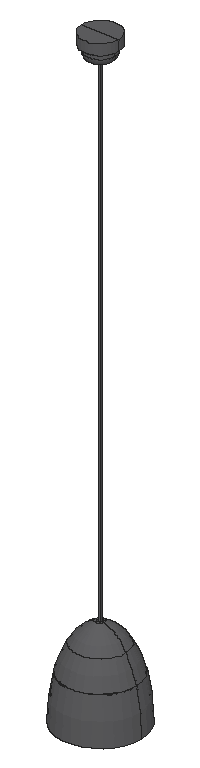
Revit family "BULLET(8,10,12,16,20)MB", category Lighting Fixtures, Revit 2020
Family settings
  Round Connector Dimension = Use Diameter
  Part Type = Normal
  OmniClass Number = 23.80.70.00
  OmniClass Title = Lighting
  Work Plane-Based = No
  Always vertical = Yes
  Cut with Voids When Loaded = No
  Light Source = Yes
  Shared = No
  Room Calculation Point = No
Parameters (values of type "GG12")
  Weight = "3.0lbs"
  Wattage Comments = "200W Max"
  Wattage = 1.6 W
  Warranty = "5 year limited warranty"  # constant formula
  built-in parameter 1150110 = 1 (stored number, unit not read)
  Voltage = 277 V
  URL = "https://www.anplighting.com/assets/Uploads/product-attachments/specification-sheets/ANP-Specification-Sheet-RLM-MB-GG12.pdf"
  built-in parameter 1114217 = 1 (stored number, unit not read)
  Tilt Angle = 90.00°
  built-in parameter 1150109 = 1 (stored number, unit not read)
  built-in parameter 1150134 = 12
  built-in parameter 1150113 = 1 (stored number, unit not read)
  Mounting Option [instance] = 1
  Power Factor = 1
  Post Mount [instance] = Mounting Option = 5  # no
  Placement X axis side [instance] = if(Post Mount, 2' 2 15/32", if(Cord or Stem Mount, 0' 0", if(E36 20 inch, 1' 8 1/4", if(E 6 26 inch, 2' 2", if(E7 41 inch, 3' 5 1/4", 0' 1")))))  # 0' - 0"
  Photometric Web File = "generic.ies"
  Model = "GG12"
  Manufacturer = "ANP Lighting"  # constant formula
  built-in parameter 1150105 = 159.11 (stored number, unit not read)
  Lumens = 2000 lm
  built-in parameter 1150115 = 1 (stored number, unit not read)
  Load Classification = Lighting
  Light Source Height [instance] = if(GG16, 0' 10 1/2", if(GG12, 0' 8 1/2", if(GG20, 1' 0", 0' 8 1/2")))  # 0' - 8 1/2"
  built-in parameter 1150137 = (empty or 0)
  built-in parameter 1150139 = (empty or 0)
  Light Elevation _2 [instance] = if(Post Mount, 0' 0.66142", if(E7 41 inch, 0' 0.66142", if(E36 20 inch, 0' 1.65748", if(E 6 26 inch, 0' 1.53543", if(Cord or Stem Mount, (0' 4.3622" + Cord Length), 0' 0")))))  # 6' - 4.3622"
  Light Elevation _1 [instance] = if(Post Mount, 0' 0", if(E7 41 inch, 0' 0", if(E36 20 inch, 0' 1", if(E 6 26 inch, 0' 0.87402", if(Cord or Stem Mount, (0' 3.66142" + Cord Length), 0' 0")))))  # 6' - 3.66142"
  Light Elevation [instance] = if(Post Mount, 14' 0.5315", if(E7 41 inch, 0' 0", 0' 0"))  # 0' - 0"
  Life = "L70 50,000 hours"  # constant formula
  built-in parameter 1150112 = 1 (stored number, unit not read)
  built-in parameter 1150114 = 1 (stored number, unit not read)
  Lamp = "MB"
  built-in parameter 1150132 = 2
  built-in parameter 1150102 = (empty or 0)
  built-in parameter 1150107 = 4000 (stored number, unit not read)
  built-in parameter 1150138 = (empty or 0)
  built-in parameter 1150106 = 1.5911 (stored number, unit not read)
  INSIDE BODY = INSIDE BODY
  GG20 = no
  GG16 = no
  GG12 = yes
  Fixture Height = 1' - 1"
  Fixture Diameter = 1' - 0"
  Efficiency = "97-125 lumens per watt"  # constant formula
  built-in parameter 1150104 = 116.13 (stored number, unit not read)
  E7 41 inch [instance] = Mounting Option = 4  # no
  E36 20 inch [instance] = Mounting Option = 3  # no
  E 6 26 inch [instance] = Mounting Option = 2  # no
  Dimming Lamp Color Temperature Shift = <None>
  Dimming = "1%"  # constant formula
  Description = "120-277 Voltage"  # constant formula
  Default Elevation = 0' - 0"
  Cord or Stem Mount [instance] = Mounting Option = 1  # yes
  Cord Length option [instance] = 0
  Cord Length [instance] = if([2' Cord], 2' 0", if([4' Cord], 4' 0", if([8' Cord], 8' 0", if([10' Cord], 10' 0", if([6' Cord], 6' 0", 6' 0")))))  # 6' - 0"
  Construction Material = "Heavy Duty spun aluminum."  # constant formula
  Color Filter = 16777215
  CRI = ">90"  # constant formula
  Bulb = Bulb
  Body Material = body
  Body Colour = "Spun aluminium"  # constant formula
  built-in parameter 1114218 = 1 (stored number, unit not read)
  built-in parameter 1150133 = 10 (stored number, unit not read)
  Apparent Load = 200 VA
  8' Cord [instance] = Cord Length option = 8  # no
  6' Cord [instance] = Cord Length option = 6  # no
  4' Cord [instance] = Cord Length option = 4  # no
  2' Cord [instance] = Cord Length option = 2  # no
  10' Cord [instance] = Cord Length option = 10  # no
Types (4): name | Weight | Wattage | URL | Model | built-in parameter 1150105 | Lumens | Light Source Height | built-in parameter 1150106 | GG20 | GG16 | GG12 | Fixture Height | Fixture Diameter
  (no name) | "3.0lbs" | 1.6 W | "https://www.anplighting.com/assets/Uploads/product-attachments/specification-sheets/ANP-Specification-Sheet-RLM-MB-GG12.pdf" | "GG12" | 159.11 (stored number, unit not read) | 2000 lm | 0' - 8 1/2" | 1.5911 (stored number, unit not read) | no | no | yes | 1' - 1" | 1' - 0"
  GG12 | "3.0lbs" | 1.6 W | "https://www.anplighting.com/assets/Uploads/product-attachments/specification-sheets/ANP-Specification-Sheet-RLM-MB-GG12.pdf" | "GG12" | 159.11 (stored number, unit not read) | 2000 lm | 0' - 8 1/2" | 1.5911 (stored number, unit not read) | no | no | yes | 1' - 1" | 1' - 0"
  GG16 | "6.0lbs" | 2.4 W | "https://www.anplighting.com/assets/Uploads/product-attachments/specification-sheets/ANP-Specification-Sheet-RLM-MB-GG16.pdf" | "GG16" | 238.66 (stored number, unit not read) | 3000 lm | 0' - 10 1/2" | 2.3866 (stored number, unit not read) | no | yes | no | 1' - 5 1/4" | 16' - 0"
  GG20 | "9.0lbs" | 2.4 W | "https://www.anplighting.com/assets/Uploads/product-attachments/specification-sheets/ANP-Specification-Sheet-RLM-MB-GG20.pdf" | "GG20" | 238.66 (stored number, unit not read) | 3000 lm | 1' - 0" | 2.3866 (stored number, unit not read) | yes | no | no | 1' - 9 51/256" | 1' - 8"
Reference planes (in)
  plane 1 "Light Source Axis (F/B)": y = 0
  plane 2: z = 0
  plane 3 "Light Source Axis (L/R)": x = 0
  plane 4 "Light Source Elevation": z = 0
  plane 5: z = 0
  plane 6: x = 0
  plane 7 "Bulb Position": z = -76.3622
  plane 8 "Canopy Position": z = -75.66142
  plane 9 "IES": z = -84.8622
Dimensions and locks (in)
  "Light Elevation": plane 5 to plane 2
  "Placement X axis side": plane 6 to plane 3 "Light Source Axis (L/R)"
  "Light Elevation _2": plane 5 to plane 7 "Bulb Position"
  "Light Elevation _1": plane 5 to plane 8 "Canopy Position"
  "Light Source Height": plane 7 "Bulb Position" to plane 9 "IES"
  locked: plane 4 "Light Source Elevation" to plane 2
  aligned and locked: level to plane 2
  aligned and locked: plane 1 "Light Source Axis (F/B)" to nested 5
  aligned and locked: nested 5 to plane 2
  aligned and locked: nested 1 to plane 3 "Light Source Axis (L/R)"
  aligned and locked: plane 3 "Light Source Axis (L/R)" to nested 2
  aligned and locked: plane 3 "Light Source Axis (L/R)" to nested 4
  aligned and locked: nested 3 to plane 5
  aligned and locked: plane 3 "Light Source Axis (L/R)" to nested 3
  aligned and locked: plane 3 "Light Source Axis (L/R)" to nested 5
  aligned and locked: plane 1 "Light Source Axis (F/B)" to nested 2
  aligned and locked: plane 1 "Light Source Axis (F/B)" to nested 1
  aligned and locked: plane 1 "Light Source Axis (F/B)" to nested 4
  aligned and locked: plane 1 "Light Source Axis (F/B)" to nested 3
  aligned and locked: plane 2 to nested 1
  aligned and locked: plane 2 to nested 2
  aligned and locked: nested 4 to plane 2
  aligned and locked: imposter light to plane 9 "IES"
  aligned and locked: imposter light to plane 6
  aligned and locked: nested 6 to plane 8 "Canopy Position"
  aligned and locked: nested 7 to plane 8 "Canopy Position"
  aligned and locked: nested 8 to plane 8 "Canopy Position"
  aligned and locked: nested 6 to plane 6
  aligned and locked: nested 7 to plane 6
  aligned and locked: nested 8 to plane 6
Nested families (in)
  nested 1: "CORD OR STEM MOUNT" at (0, 0, -75.67), visible <- "Cord or Stem Mount", Cord or Stem Mount <- "Cord or Stem Mount", Body Material <- "Body Material", Light Elevation <- "Light Elevation", Cord Length <- "Cord Length", 10' Cord <- "10' Cord", 2' Cord <- "2' Cord", 4' Cord <- "4' Cord", 6' Cord <- "6' Cord", 8' Cord <- "8' Cord", type "CORD OR STEM MOUNT"
    with Light Elevation 0' - 0", Cord or Stem Mount yes, Cord Length 6' - 0", Body Material body, 8' Cord no, 6' Cord no, 4' Cord no, 2' Cord no, 10' Cord no
  nested 2: "E6 26 INCH" at (0, 0, 0), visible <- "E 6 26 inch", Chain Length <- "Cord Length", E 6 26 inch <- "E 6 26 inch", Placement X axis side <- "Placement X axis side", Body Material <- "Body Material", Light Elevation <- "Light Elevation", type "E6 26 INCH"
    with Placement X axis side 0' - 0", Light Elevation 0' - 0", E 6 26 inch no, Chain Length 6' - 0", Body Material body
  nested 3: "E7 41 INCH" at (0, 0, 0), Chain Length <- "Cord Length", visible <- "E7 41 inch", E7 41 inch <- "E7 41 inch", Placement X axis side <- "Placement X axis side", Body Material <- "Body Material", Light Elevation <- "Light Elevation", type "E7 41 INCH"
    with Placement X axis side 0' - 0", Light Elevation 0' - 0", E7 41 inch no, Chain Length 6' - 0", Body Material body
  nested 4: "E36 20 INCH" at (0, 0, 0), visible <- "E36 20 inch", E36 20 inch <- "E36 20 inch", Placement X axis side <- "Placement X axis side", Chain Length <- "Cord Length", Body Material <- "Body Material", Light Elevation <- "Light Elevation", type "E36 20 INCH"
    with Placement X axis side 0' - 0", Light Elevation 0' - 0", E36 20 inch no, Chain Length 6' - 0", Body Material body
  nested 5: "POST MOUNT" at (0, 0, 0), visible <- "Post Mount", Post Mount <- "Post Mount", Placement X axis side <- "Placement X axis side", Chain Length <- "Cord Length", Body Material <- "Body Material", Light Elevation <- "Light Elevation", type "POST MOUNT"
    with Post Mount no, Placement X axis side 0' - 0", Light Elevation 0' - 0", Chain Length 6' - 0", Body Material body
  nested 6: "GG12 MB" at (0, 0, -75.66142), Light Elevation <- "Light Elevation", Body <- "Body Material", visible <- "GG12", BULB <- "Bulb", GG12 <- "GG12", type "GG12 MB"
    with Light Elevation 0' - 0", GG12 yes, Body body, BULB Bulb
  nested 7: "GG16 MB" at (0, 0, -75.66142), Light Elevation <- "Light Elevation", Body <- "Body Material", visible <- "GG16", BULB <- "Bulb", GG16 <- "GG16", type "GG16 MB"
    with Light Elevation 0' - 0", GG16 no, Body body, BULB Bulb
  nested 8: "GG20 MB" at (0, 0, -75.66142), Light Elevation <- "Light Elevation", Body <- "Body Material", visible <- "GG20", BULB <- "Bulb", GG20 <- "GG20", type "GG20 MB"
    with Light Elevation 0' - 0", GG20 no, Body body, BULB Bulb
Definition of nested family "CORD OR STEM MOUNT"
  Parameters (values of type "CORD OR STEM MOUNT")
    URL = ""
    Model = ""
    Manufacturer = ""
    Light Elevation [instance] = 1' - 7.69"
    Default Elevation = 0' - 0"
    Cord or Stem Mount [instance] = yes
    Cord Length [instance] = 6' - 0"
    Body Material [instance] = none
    8' Cord [instance] = no
    6' Cord [instance] = no
    4' Cord [instance] = no
    2' Cord [instance] = no
    10' Cord [instance] = no
  Reference planes (in)
    plane 1 "Light Source Axis (F/B)": y = 0
    plane 2: z = 0
    plane 3 "Light Source Axis (L/R)": x = 0
    plane 4 "Light Source Elevation": z = 23.125
    plane 5: z = 91.69
    plane 6: z = 19.69
  Forms (in)
    Extrusion 1, void, not visible
      sketch origin (0, 0, 2.38154) x (1, 0, 0) y (0, 0, 1)
        loop
          circle (0, 4.59925) r 0.16583
      from 1.18594 to 1.75
    Extrusion 2, void, not visible
      sketch origin (0, 0, 2.38154) x (0.707107, -0.707107, 0) y (0, 0, 1)
        loop
          circle (0, 4.59925) r 0.16583
      from 1.18594 to 1.75
    Extrusion 3, void, not visible
      sketch origin (0, 0, 2.38154) x (0.707107, 0.707107, 0) y (0, 0, 1)
        loop
          circle (0, 4.59925) r 0.16583
      from 1.18594 to 1.75
    Extrusion 4, void, not visible
      sketch origin (0, 0, 2.38154) x (0, 1, 0) y (0, 0, 1)
        loop
          circle (0, 4.59925) r 0.16583
      from 1.18594 to 1.75
    Extrusion 5, void, not visible
      sketch origin (0, 0, 2.38154) x (-0.707107, 0.707107, 0) y (0, 0, 1)
        loop
          circle (0, 4.59925) r 0.16583
      from 1.18594 to 1.75
    Extrusion 6, void, not visible
      sketch origin (0, 0, 2.38154) x (-1, 0, 0) y (0, 0, 1)
        loop
          circle (0, 4.59925) r 0.20678
      from 1.18594 to 1.75
    Extrusion 7, void, not visible
      sketch origin (0, 0, 2.38154) x (-0.707107, -0.707107, 0) y (0, 0, 1)
        loop
          circle (0, 4.59925) r 0.16583
      from 1.18594 to 1.75
    Extrusion 8, void, not visible
      sketch origin (0, 0, 2.38154) x (0, -1, 0) y (0, 0, 1)
        loop
          circle (0, 4.59925) r 0.16583
      from 1.18594 to 1.75
    Revolve 9, solid, material <- "Body Material", visible <- "Cord or Stem Mount"
      sketch origin (0, 0, 174.56698) x (1, 0, 0) y (0, 0, 1)
        loop
          line (2.6875, -79.20698) -> (0, -79.20698) -> (0, -82.87698) -> (0.125, -82.87698) -> (0.125, -82.83698) -> (0.75, -82.83698)
          arc (0.75, -82.83698) -> (0.81694, -82.77004) -> (0.75, -82.7031) r 0.06694
          line (0.75, -82.7031) -> (0.89763, -82.7031) -> (1.00223, -82.5985) -> (1.06587, -82.5985)
          arc (1.06587, -82.5985) -> (1.80099, -82.29401) -> (2.10549, -81.55888) r 1.03962
          line (2.10549, -81.55888) -> (2.10549, -81.03899)
          arc (2.10549, -81.03899) -> (2.12951, -80.981) -> (2.1875, -80.95698) r 0.08201
          line (2.1875, -80.95698) -> (2.1875, -80.70698) -> (2.6875, -80.70698) -> (2.6875, -79.20698)
        axis (0, -79.20698) -> (0, -82.87698)
      angle from 0 to 360
    Revolve 10, solid, material <- "Body Material", visible <- "Cord or Stem Mount"
      sketch origin (0, 0, 0) x (1, 0, 0) y (0, 0, 1)
        loop
          line (0, 91.69) -> (-0.125, 91.69) -> (-0.125, 19.69) -> (0, 19.69) -> (0, 91.69)
        axis (0, 19.69) -> (0, 91.69)
      angle from 0 to 360
  Dimensions and locks (in)
    "Light Elevation": plane 6 to plane 2
    "Cord Length": plane 5 to plane 6
    locked: Revolve 10 sketch curve to Revolve 10 sketch curve at 0.125
    aligned and locked: level to plane 2
    aligned and locked: Revolve 10 sketch curve to plane 3 "Light Source Axis (L/R)"
    aligned and locked: Revolve 10 sketch curve to plane 6
    aligned and locked: Revolve 10 sketch curve to plane 5
    aligned and locked: plane 3 "Light Source Axis (L/R)" to Revolve 10 sketch curve
  Automatic sketch dimensions
    Revolve 9 sketch curve to plane 3 "Light Source Axis (L/R)" = 0' - 0"  (x2)
    Revolve 9 sketch curve to plane 5 = 0' - 0"
    plane 3 "Light Source Axis (L/R)" to Revolve 9 sketch curve = 0' - 0 1/8"
    Revolve 9 sketch curve to plane 5 = 0' - 0.17388"
    Revolve 9 sketch curve to Revolve 9 sketch curve = 0' - 0 5/8"
    Revolve 9 sketch curve to Revolve 9 sketch curve = 0' - 0.14763"
    Revolve 9 sketch curve to plane 5 = 0' - 0.27847"
    Revolve 9 sketch curve to Revolve 9 sketch curve = 0' - 0.1046"
    Revolve 9 sketch curve to Revolve 9 sketch curve = 0' - 0.06364"
    Revolve 9 sketch curve to Revolve 9 sketch curve = 0' - 1.03962"
    Revolve 9 sketch curve to Revolve 9 sketch curve = 0' - 0 21/256"
    Revolve 9 sketch curve to Revolve 9 sketch curve = 0' - 0 1/2"  (x2)
    Revolve 9 sketch curve to Revolve 9 sketch curve = 0' - 0.51989"
    Revolve 9 sketch curve to Revolve 9 sketch curve = 0' - 0 1/4"
    Revolve 9 sketch curve to Revolve 9 sketch curve = 0' - 2.3519"
    Revolve 9 sketch curve to Revolve 9 sketch curve = 0' - 1 1/4"
    Revolve 9 sketch curve to Revolve 9 sketch curve = 0' - 0.04"
    Revolve 10 sketch curve to Revolve 10 sketch curve = 0' - 0 1/2"
    Revolve 10 sketch curve to Revolve 10 sketch curve = 0' - 0.42345"
Definition of nested family "GG12 MB"
  Parameters (values of type "GG12 MB")
    Light Elevation [instance] = 0' - 0"
    INSIDE BODY = none
    GG12 [instance] = yes
    Default Elevation = 0' - 0"
    Body [instance] = none
    BULB [instance] = none
  Reference planes (in)
    plane 1 "Center (Front/Back)": y = 0
    plane 2: z = 0
    plane 3 "Center (Left/Right)": x = 0
    plane 4: z = 0
  Dimensions and locks (in)
    "Light Elevation": plane 4 to plane 2
    locked: plane 2 to nested 2 at 6.98676
    aligned and locked: plane 2 to level
    aligned and locked: plane 3 "Center (Left/Right)" to nested 1
    aligned and locked: plane 1 "Center (Front/Back)" to nested 1
    aligned and locked: plane 4 to nested 1
  Nested families (in)
    nested 1: "LED BULLET 16" at (0, 0, -13), visible <- "GG12", Body <- "Body", GG12 <- "GG12", type "LED BULLET 16"
      with GG12 yes, Body none
    nested 2: "BULB" at (0, 0, -6.48451), visible <- "GG12", type "Bulb"
  Definition of nested family "LED BULLET 16"
    Parameters (values of type "LED BULLET 16")
      INSIDE BODY = none
      GG12 [instance] = yes
      Default Elevation = 0' - 0"
      Body [instance] = none
    Reference planes (in)
      plane 1 "Center (Front/Back)": y = 0
      plane 2: z = 0
      plane 3 "Center (Left/Right)": x = 0
      plane 4: x = 0.6875
      plane 5: x = -6
      plane 6: x = 6
      plane 7: z = 13
      plane 8: z = 6.5
    Forms (in)
      Revolve 1, solid, material <- "Body", visible <- "GG12"
        sketch origin (0, 0, 0) x (1, 0, 0) y (0, 0, 1)
          loop
            line (0.6875, 13) -> (0.34375, 13) -> (0.34375, 12.90625) -> (0.66669, 12.90625)
            arc (0.66669, 12.90625) -> (2.3688, 11.76137) -> (3.64476, 10.15518) r 6.70035
            arc (3.64476, 10.15518) -> (4.51095, 8.36571) -> (5.13093, 6.47678) r 14.88451
            arc (5.13093, 6.47678) -> (5.73128, 3.26385) -> (5.90624, 0) r 24.93683
            line (5.90624, 0) -> (6, 0)
            arc (6, 0) -> (5.82637, 3.25821) -> (5.23039, 6.46616) r 25.03058
            line (5.23039, 6.46616) -> (5.17971, 6.45336) -> (5.15878, 6.53347) -> (5.20972, 6.54678)
            arc (5.20972, 6.54678) -> (4.58881, 8.42322) -> (3.72623, 10.20157) r 14.97826
            arc (3.72623, 10.20157) -> (2.42471, 11.83734) -> (0.6875, 13) r 6.7941
          axis (0, 13) -> (0, 0)
        angle from 0 to 360
      Revolve 2, solid, material <- "Body", visible <- "GG12"
        sketch origin (0, 0, 0) x (1, 0, 0) y (0, 0, 1)
          loop
            line (0, 6.54678) -> (0, 6.45336) -> (5.13721, 6.45336) -> (5.13721, 6.54678) -> (0, 6.54678)
          axis (0, 6.54678) -> (0, 6.45336)
        angle from 0 to 360
      Revolve 3, solid, material <- "INSIDE BODY", visible <- "GG12"
        sketch origin (0.09376, 0, 0) x (1, 0, 0) y (0, 0, 1)
          loop
            line (4.95239, 6.45336) -> (4.85566, 6.45336)
            arc (4.85566, 6.45336) -> (5.45146, 3.25185) -> (5.62499, 0) r 24.93683
            line (5.62499, 0) -> (5.71875, 0)
            arc (5.71875, 0) -> (5.54589, 3.25166) -> (4.95239, 6.45336) r 25.03058
          axis (-0.09376, 6.45336) -> (-0.09376, 0)
        angle from 0 to 360
    Dimensions and locks (in)
      aligned and locked: plane 2 to level
  Definition of nested family "BULB"
    Parameters
      Default Elevation = 0' - 0"
      Bulb = none
    Reference planes (in)
      plane 1 "Center (Front/Back)": y = 0
      plane 2: z = 0
      plane 3 "Center (Left/Right)": x = 0
    Forms (in)
      Revolve 1, solid, material <- "Bulb"
        sketch origin (0, 0, 0) x (1, 0, 0) y (0, 0, 1)
          loop
            line (0, 0) -> (0, -2.26549) -> (0.65522, -2.26549)
            arc (0.65522, -2.26549) -> (0.71144, -2.2422) -> (0.73473, -2.18598) r 0.07951
            line (0.73473, -2.18598) -> (0.73473, -2.07134) -> (0.73473, -0.50226) -> (0.45537, -0.50226) -> (0.40791, -0.42006) -> (0.40791, 0) -> (0, 0)
          axis (0, 0) -> (0, -2.26549)
        angle from 0 to 360
    Dimensions and locks (in)
      aligned and locked: plane 2 to level
Definition of nested family "E6 26 INCH"
  Parameters (values of type "E6 26 INCH")
    URL = ""
    Placement X axis side [instance] = 2' - 2"
    Model = ""
    Manufacturer = ""
    Light Elevation [instance] = 8' - 4"
    E 6 26 inch [instance] = yes
    Default Elevation = 0' - 0"
    Chain Length [instance] = 0' - 0"
    Body Material [instance] = none
  Reference planes (in)
    plane 1 "Light Source Axis (F/B)": y = 0
    plane 2: z = 0
    plane 3 "Light Source Axis (L/R)": x = 0
    plane 4 "Light Source Elevation": z = 23.125
    plane 5: z = 100
    plane 6: x = -26
    plane 7: z = 99.125
    plane 8: x = -24.12
    plane 9: x = -25.5474
  Forms (in)
    Extrusion 1, void, not visible
      sketch origin (0, 0, 2.38154) x (1, 0, 0) y (0, 0, 1)
        loop
          circle (0, 4.59925) r 0.16583
      from 1.18594 to 1.75
    Extrusion 2, void, not visible
      sketch origin (0, 0, 2.38154) x (0.707107, -0.707107, 0) y (0, 0, 1)
        loop
          circle (0, 4.59925) r 0.16583
      from 1.18594 to 1.75
    Extrusion 3, void, not visible
      sketch origin (0, 0, 2.38154) x (0.707107, 0.707107, 0) y (0, 0, 1)
        loop
          circle (0, 4.59925) r 0.16583
      from 1.18594 to 1.75
    Extrusion 4, void, not visible
      sketch origin (0, 0, 2.38154) x (0, 1, 0) y (0, 0, 1)
        loop
          circle (0, 4.59925) r 0.16583
      from 1.18594 to 1.75
    Extrusion 5, void, not visible
      sketch origin (0, 0, 2.38154) x (-0.707107, 0.707107, 0) y (0, 0, 1)
        loop
          circle (0, 4.59925) r 0.16583
      from 1.18594 to 1.75
    Extrusion 6, void, not visible
      sketch origin (0, 0, 2.38154) x (-1, 0, 0) y (0, 0, 1)
        loop
          circle (0, 4.59925) r 0.20678
      from 1.18594 to 1.75
    Extrusion 7, void, not visible
      sketch origin (0, 0, 2.38154) x (-0.707107, -0.707107, 0) y (0, 0, 1)
        loop
          circle (0, 4.59925) r 0.16583
      from 1.18594 to 1.75
    Extrusion 8, void, not visible
      sketch origin (0, 0, 2.38154) x (0, -1, 0) y (0, 0, 1)
        loop
          circle (0, 4.59925) r 0.16583
      from 1.18594 to 1.75
    Sweep 9, solid, material <- "Body Material", visible <- "E 6 26 inch"
      path origin (-41.25, 0, 168.51693) x (1, 0, 0) y (0, 0, 1)
        loop
          line (17.13, -68.51693) -> (27.68551, -68.51693)
          arc (27.68551, -68.51693) -> (28.47996, -68.34486) -> (29.13202, -67.8595) r 1.92004
          line (29.13202, -67.8595) -> (34.23651, -62.01155)
          arc (34.23651, -62.01155) -> (38.65464, -60.89667) -> (41.25, -64.64193) r 4
          line (41.25, -64.64193) -> (41.25, -69.39193)
      profile origin (-18.84224, 0, 100) x (0, 0, 1) y (0, -1, 0)
        loop
          circle (0, 0) r 0.5
    Revolve 10, solid, material <- "Body Material", visible <- "E 6 26 inch"
      sketch origin (-26, 0, 168.51693) x (1, 0, 0) y (0, 0, 1)
        loop
          line (0, -66.07943) -> (0, -68.51693) -> (1.88, -68.51693) -> (1.88, -67.69272) -> (0.4526, -67.69272) -> (0.4526, -66.54122) -> (0.33125, -66.54122) -> (0.33125, -66.07943) -> (0, -66.07943)
        axis (0, -68.51693) -> (1.88, -68.51693)
      angle from 0 to 360
    Extrusion 11, solid, material <- "Body Material", visible <- "E 6 26 inch"
      sketch origin (-26, 0, 168.51693) x (0, -1, 0) y (0, 0, -1)
        loop
          line (0.25, 68.51693) -> (0.25, 69.51693) -> (-0.25, 69.51693) -> (-0.25, 68.51693) -> (0.25, 68.51693)
      from 0.4526 to 1.88
  Cuts and joins
    joined: Revolve 10, Extrusion 11
  Dimensions and locks (in)
    "Light Elevation": plane 5 to plane 2
    "Placement X axis side": plane 3 "Light Source Axis (L/R)" to plane 6
    locked: plane 5 to plane 7 at 0.875
    Revolve 10 sketch curve to Revolve 10 sketch curve to Revolve 10 sketch curve to plane 6 = 0' - 1.4274" locked, 0' - 0.12135" locked, 0' - 0.33125" locked
    Revolve 10 sketch curve to Revolve 10 sketch curve to Revolve 10 sketch curve to plane 5 = 0' - 0.46179" locked, 0' - 1.1515" locked, 0' - 0 211/256" locked
    locked: Sweep 9 sketch curve to plane 6 at 1.88
    locked: Sweep 9 sketch curve to Sweep 9 sketch curve at 10.55551
    locked: Sweep 9 sketch curve to Sweep 9 sketch curve at 13.56449
    locked: Sweep 9 sketch curve to Sweep 9 sketch curve at 4.75
    locked: plane 9 to plane 6 at 0.4526
    locked: plane 8 to plane 9 at 1.4274
    aligned and locked: level to plane 2
    aligned and locked: Revolve 10 sketch curve to plane 6
    aligned and locked: plane 5 to Revolve 10 sketch curve
    aligned and locked: Revolve 10 sketch curve to plane 5
    aligned and locked: cut or joined group of Revolve 10, Extrusion 11 to plane 9
    aligned and locked: plane 8 to cut or joined group of Revolve 10, Extrusion 11
  Automatic sketch dimensions
    Sweep 9 sketch curve to plane 5 = 0' - 0"
    Sweep 9 sketch curve to Sweep 9 sketch curve = 0' - 4"
    Sweep 9 sketch curve to Sweep 9 sketch curve = 0' - 3.01349"
    plane 5 to Sweep 9 sketch curve = 0' - 0.65743"
    Sweep 9 sketch curve to Sweep 9 sketch curve = 0' - 1.4465"
    Sweep 9 sketch curve to plane 5 = 0' - 0 7/8"
    profile plane to Sweep 9 sketch curve = 0' - 0"
    Sweep 9 sketch curve to profile plane = 0' - 0"
    plane 6 to Revolve 10 sketch curve = 0' - 0.62562"
    Revolve 10 sketch curve to Revolve 10 sketch curve = 0' - 0 1/2"
    Extrusion 11 sketch curve to plane 5 = 0' - 0"
    plane 1 "Light Source Axis (F/B)" to Extrusion 11 sketch curve = 0' - 0 1/4"
    Extrusion 11 sketch curve to plane 1 "Light Source Axis (F/B)" = 0' - 0 1/4"
    plane 5 to Extrusion 11 sketch curve = 0' - 1"
    radius of Sweep 9 sketch curve = 0' - 0 1/2"
Definition of nested family "E7 41 INCH"
  Parameters (values of type "E7 41 INCH")
    URL = ""
    Placement X axis side [instance] = 4' - 2"
    Model = ""
    Manufacturer = ""
    Light Elevation [instance] = 8' - 4"
    E7 41 inch [instance] = yes
    Default Elevation = 0' - 0"
    Chain Length [instance] = 0' - 0"
    Body Material [instance] = none
  Reference planes (in)
    plane 1 "Light Source Axis (F/B)": y = 0
    plane 2: z = 0
    plane 3 "Light Source Axis (L/R)": x = 0
    plane 4 "Light Source Elevation": z = 23.125
    plane 5: z = 100
    plane 6: x = -50
  Forms (in)
    Extrusion 1, void, not visible
      sketch origin (0, 0, 2.38154) x (1, 0, 0) y (0, 0, 1)
        loop
          circle (0, 4.59925) r 0.16583
      from 1.18594 to 1.75
    Extrusion 2, void, not visible
      sketch origin (0, 0, 2.38154) x (0.707107, -0.707107, 0) y (0, 0, 1)
        loop
          circle (0, 4.59925) r 0.16583
      from 1.18594 to 1.75
    Extrusion 3, void, not visible
      sketch origin (0, 0, 2.38154) x (0.707107, 0.707107, 0) y (0, 0, 1)
        loop
          circle (0, 4.59925) r 0.16583
      from 1.18594 to 1.75
    Extrusion 4, void, not visible
      sketch origin (0, 0, 2.38154) x (0, 1, 0) y (0, 0, 1)
        loop
          circle (0, 4.59925) r 0.16583
      from 1.18594 to 1.75
    Extrusion 5, void, not visible
      sketch origin (0, 0, 2.38154) x (-0.707107, 0.707107, 0) y (0, 0, 1)
        loop
          circle (0, 4.59925) r 0.16583
      from 1.18594 to 1.75
    Extrusion 6, void, not visible
      sketch origin (0, 0, 2.38154) x (-1, 0, 0) y (0, 0, 1)
        loop
          circle (0, 4.59925) r 0.20678
      from 1.18594 to 1.75
    Extrusion 7, void, not visible
      sketch origin (0, 0, 2.38154) x (-0.707107, -0.707107, 0) y (0, 0, 1)
        loop
          circle (0, 4.59925) r 0.16583
      from 1.18594 to 1.75
    Extrusion 8, void, not visible
      sketch origin (0, 0, 2.38154) x (0, -1, 0) y (0, 0, 1)
        loop
          circle (0, 4.59925) r 0.16583
      from 1.18594 to 1.75
    Revolve 9, solid, material <- "Body Material", visible <- "E7 41 inch"
      sketch origin (-41.25, 0, 168.39193) x (1, 0, 0) y (0, 0, 1)
        loop
          line (-8.75, -66.20443) -> (-8.75, -68.51693) -> (-6.87, -68.51693) -> (-6.87, -67.69272) -> (-8.2974, -67.69272) -> (-8.2974, -66.54122) -> (-8.41875, -66.54122) -> (-8.41875, -66.20443) -> (-8.75, -66.20443)
        axis (-8.75, -68.51693) -> (-6.87, -68.51693)
      angle from 0 to 360
    Extrusion 10, solid, material <- "Body Material", visible <- "E7 41 inch"
      sketch origin (-41.25, 0, 168.39193) x (0, -1, 0) y (0, 0, -1)
        loop
          line (0.25, 68.51693) -> (0.25, 69.51693) -> (-0.25, 69.51693) -> (-0.25, 68.51693) -> (0.25, 68.51693)
      from -8.2974 to -6.87
    Sweep 11, solid, material <- "Body Material", visible <- "E7 41 inch"
      path origin (-41.25, 0, 168.39193) x (1, 0, 0) y (0, 0, 1)
        loop
          line (-6.87, -68.51693) -> (16.04011, -68.51693)
          arc (16.04011, -68.51693) -> (17.864, -68.13651) -> (19.38375, -67.0587) r 4.5625
          line (19.38375, -67.0587) -> (24.70217, -61.33018)
          arc (24.70217, -61.33018) -> (29.64465, -60.20324) -> (32.5, -64.39193) r 4.5
          line (32.5, -64.39193) -> (32.5, -68.39193)
      profile origin (-36.66494, 0, 99.875) x (0, 0, 1) y (0, -1, 0)
        loop
          circle (0, 0) r 0.5
  Dimensions and locks (in)
    "Placement X axis side": plane 3 "Light Source Axis (L/R)" to plane 6
    "Light Elevation": plane 5 to plane 2
    locked: Revolve 9 sketch curve to Revolve 9 sketch curve at 0.33125
    locked: Revolve 9 sketch curve to Revolve 9 sketch curve at 0.4526
    locked: Revolve 9 sketch curve to Revolve 9 sketch curve at 1.88
    locked: Revolve 9 sketch curve to Revolve 9 sketch curve at 0.82421
    locked: Revolve 9 sketch curve to Revolve 9 sketch curve at 1.1515
    locked: Revolve 9 sketch curve to Revolve 9 sketch curve at 0.33679
    locked: plane 5 to Revolve 9 sketch curve at 0.125
    locked: Extrusion 10 sketch curve to Extrusion 10 sketch curve at 0.5
    locked: Extrusion 10 sketch curve to Extrusion 10 sketch curve at 1
    locked: plane 5 to Extrusion 10 sketch curve at 0.125
    locked: plane 5 to Sweep 11 sketch curve at 0.125
    locked: Sweep 11 sketch curve to Sweep 11 sketch curve at 39.37
    locked: Sweep 11 sketch curve to Sweep 11 sketch curve at 4
    locked: plane 6 to Extrusion 10 at 0.4526
    locked: Sweep 11 sketch curve to plane 6 at 1.88
    locked: Extrusion 10 to Extrusion 10 at 1.4274
    aligned and locked: plane 2 to level
    aligned and locked: Revolve 9 sketch curve to plane 6
  Automatic sketch dimensions
    Revolve 9 sketch curve to plane 5 = 0' - 0 1/8"
    plane 6 to Revolve 9 sketch curve = 0' - 0.62562"
    Revolve 9 sketch curve to Revolve 9 sketch curve = 0' - 0 1/2"
    plane 1 "Light Source Axis (F/B)" to Extrusion 10 sketch curve = 0' - 0 1/4"
    Sweep 11 sketch curve to plane 5 = 0' - 0"
    Sweep 11 sketch curve to Sweep 11 sketch curve = 0' - 4 1/2"
    Sweep 11 sketch curve to Sweep 11 sketch curve = 0' - 3.29783"
    plane 5 to Sweep 11 sketch curve = 0' - 1.33323"
    Sweep 11 sketch curve to Sweep 11 sketch curve = 0' - 5.31842"
    Sweep 11 sketch curve to Sweep 11 sketch curve = 0' - 3.34364"
    profile plane to Sweep 11 sketch curve = 0' - 0"
    Sweep 11 sketch curve to profile plane = 0' - 0"
    radius of Sweep 11 sketch curve = 0' - 0 1/2"
Definition of nested family "E36 20 INCH"
  Parameters (values of type "E36 20 INCH")
    URL = ""
    Placement X axis side [instance] = 1' - 8 1/4"
    Model = ""
    Manufacturer = ""
    Light Elevation [instance] = 8' - 4"
    E36 20 inch [instance] = yes
    Default Elevation = 0' - 0"
    Chain Length [instance] = 0' - 0"
    Body Material [instance] = none
  Reference planes (in)
    plane 1 "Light Source Axis (F/B)": y = 0
    plane 2: z = 0
    plane 3 "Light Source Axis (L/R)": x = 0
    plane 4 "Light Source Elevation": z = 23.125
    plane 5: z = 99
    plane 6: x = -20.25
    plane 7: z = 100
    plane 8: x = -18.37008
    plane 9: x = -19.79724
  Forms (in)
    Extrusion 1, void, not visible
      sketch origin (0, 0, 2.38154) x (1, 0, 0) y (0, 0, 1)
        loop
          circle (0, 4.59925) r 0.16583
      from 1.18594 to 1.75
    Extrusion 2, void, not visible
      sketch origin (0, 0, 2.38154) x (0.707107, -0.707107, 0) y (0, 0, 1)
        loop
          circle (0, 4.59925) r 0.16583
      from 1.18594 to 1.75
    Extrusion 3, void, not visible
      sketch origin (0, 0, 2.38154) x (0.707107, 0.707107, 0) y (0, 0, 1)
        loop
          circle (0, 4.59925) r 0.16583
      from 1.18594 to 1.75
    Extrusion 4, void, not visible
      sketch origin (0, 0, 2.38154) x (0, 1, 0) y (0, 0, 1)
        loop
          circle (0, 4.59925) r 0.16583
      from 1.18594 to 1.75
    Extrusion 5, void, not visible
      sketch origin (0, 0, 2.38154) x (-0.707107, 0.707107, 0) y (0, 0, 1)
        loop
          circle (0, 4.59925) r 0.16583
      from 1.18594 to 1.75
    Extrusion 6, void, not visible
      sketch origin (0, 0, 2.38154) x (-1, 0, 0) y (0, 0, 1)
        loop
          circle (0, 4.59925) r 0.20678
      from 1.18594 to 1.75
    Extrusion 7, void, not visible
      sketch origin (0, 0, 2.38154) x (-0.707107, -0.707107, 0) y (0, 0, 1)
        loop
          circle (0, 4.59925) r 0.16583
      from 1.18594 to 1.75
    Extrusion 8, void, not visible
      sketch origin (0, 0, 2.38154) x (0, -1, 0) y (0, 0, 1)
        loop
          circle (0, 4.59925) r 0.16583
      from 1.18594 to 1.75
    Sweep 9, solid, material <- "Body Material", visible <- "E36 20 inch"
      path origin (-41.25, 0, 169.51693) x (1, 0, 0) y (0, 0, 1)
        loop
          line (22.88, -69.51693) -> (28.93827, -69.51693)
          arc (28.93827, -69.51693) -> (29.97705, -69.28152) -> (30.81284, -68.62128) r 2.40953
          line (30.81284, -68.62128) -> (34.13807, -64.50378)
          arc (34.13807, -64.50378) -> (38.58272, -63.24548) -> (41.25, -67.01693) r 4
          line (41.25, -67.01693) -> (41.25, -70.51693)
      profile origin (-15.34086, 0, 100) x (0, 0, 1) y (0, -1, 0)
        loop
          circle (0, 0) r 0.5
    Revolve 10, solid, material <- "Body Material", visible <- "E36 20 inch"
      sketch origin (-20.25, 0, 169.51693) x (1, 0, 0) y (0, 0, 1)
        loop
          line (0, -67.20443) -> (0, -69.51693) -> (1.88, -69.51693) -> (1.88, -68.69272) -> (0.4526, -68.69272) -> (0.4526, -67.54122) -> (0.33125, -67.54122) -> (0.33125, -67.20443) -> (0, -67.20443)
        axis (0, -69.51693) -> (1.88, -69.51693)
      angle from 0 to 360
    Extrusion 11, solid, material <- "Body Material", visible <- "E36 20 inch"
      sketch origin (-20.25, 0, 169.51693) x (0, -1, 0) y (0, 0, -1)
        loop
          line (0.25, 69.51693) -> (0.25, 70.51693) -> (-0.25, 70.51693) -> (-0.25, 69.51693) -> (0.25, 69.51693)
      from 1.87992 to 0.45276
  Cuts and joins
    joined: Revolve 10, Extrusion 11
  Dimensions and locks (in)
    "Light Elevation": plane 7 to plane 2
    "Placement X axis side": plane 3 "Light Source Axis (L/R)" to plane 6
    locked: plane 7 to plane 5 at 1
    Revolve 10 sketch curve to Revolve 10 sketch curve to Revolve 10 sketch curve to plane 7 = 0' - 0.33679" locked, 0' - 1.1515" locked, 0' - 0 211/256" locked
    locked: Sweep 9 sketch curve to plane 6 at 1.88
    locked: Sweep 9 sketch curve to Sweep 9 sketch curve at 6.05827
    locked: Sweep 9 sketch curve to Sweep 9 sketch curve at 12.31173
    locked: Sweep 9 sketch curve to Sweep 9 sketch curve at 3.5
    Revolve 10 sketch curve to Revolve 10 sketch curve to Revolve 10 sketch curve to plane 6 = 0' - 1.4274" locked, 0' - 0.12135" locked, 0' - 0.33125" locked
    locked: plane 9 to plane 6 at 0.45276
    locked: plane 8 to plane 9 at 1.42717
    aligned and locked: level to plane 2
    aligned and locked: plane 7 to Revolve 10 sketch curve
    aligned and locked: Revolve 10 sketch curve to plane 7
    aligned and locked: Revolve 10 sketch curve to plane 6
    aligned and locked: cut or joined group of Revolve 10, Extrusion 11 to plane 9
    aligned and locked: plane 8 to cut or joined group of Revolve 10, Extrusion 11
  Automatic sketch dimensions
    Sweep 9 sketch curve to plane 7 = 0' - 0"
    Sweep 9 sketch curve to plane 5 = 0' - 0"
    Sweep 9 sketch curve to Sweep 9 sketch curve = 0' - 4"
    Sweep 9 sketch curve to plane 7 = 0' - 0.89565"
    Sweep 9 sketch curve to Sweep 9 sketch curve = 0' - 3.32523"
    Sweep 9 sketch curve to Sweep 9 sketch curve = 0' - 1.87457"
    profile plane to Sweep 9 sketch curve = 0' - 0"
    Sweep 9 sketch curve to profile plane = 0' - 0"
    plane 6 to Revolve 10 sketch curve = 0' - 0.62562"
    Revolve 10 sketch curve to Revolve 10 sketch curve = 0' - 0 1/2"
    plane 7 to Extrusion 11 sketch curve = 0' - 0"
    Extrusion 11 sketch curve to plane 5 = 0' - 0"
    plane 1 "Light Source Axis (F/B)" to Extrusion 11 sketch curve = 0' - 0 1/4"
    Extrusion 11 sketch curve to plane 1 "Light Source Axis (F/B)" = 0' - 0 1/4"
    radius of Sweep 9 sketch curve = 0' - 0 1/2"
Definition of nested family "POST MOUNT"
  Parameters (values of type "POST MOUNT")
    URL = ""
    Post Mount [instance] = yes
    Placement X axis side [instance] = 2' - 2 1/2"
    Model = ""
    Manufacturer = ""
    Light Elevation [instance] = 14' - 0.5168"
    Default Elevation = 0' - 0"
    Chain Length [instance] = 0' - 0"
    Body Material [instance] = none
  Reference planes (in)
    plane 1 "Light Source Axis (F/B)": y = 0
    plane 2: z = 0
    plane 3 "Light Source Axis (L/R)": x = 0
    plane 4 "Light Source Elevation": z = 23.125
    plane 5: x = -26.5
    plane 6: z = 168.5168
  Forms (in)
    Extrusion 1, void, not visible
      sketch origin (0, 0, 2.38154) x (1, 0, 0) y (0, 0, 1)
        loop
          circle (0, 4.59925) r 0.16583
      from 1.18594 to 1.75
    Extrusion 2, void, not visible
      sketch origin (0, 0, 2.38154) x (0.707107, -0.707107, 0) y (0, 0, 1)
        loop
          circle (0, 4.59925) r 0.16583
      from 1.18594 to 1.75
    Extrusion 3, void, not visible
      sketch origin (0, 0, 2.38154) x (0.707107, 0.707107, 0) y (0, 0, 1)
        loop
          circle (0, 4.59925) r 0.16583
      from 1.18594 to 1.75
    Extrusion 4, void, not visible
      sketch origin (0, 0, 2.38154) x (0, 1, 0) y (0, 0, 1)
        loop
          circle (0, 4.59925) r 0.16583
      from 1.18594 to 1.75
    Extrusion 5, void, not visible
      sketch origin (0, 0, 2.38154) x (-0.707107, 0.707107, 0) y (0, 0, 1)
        loop
          circle (0, 4.59925) r 0.16583
      from 1.18594 to 1.75
    Extrusion 6, void, not visible
      sketch origin (0, 0, 2.38154) x (-1, 0, 0) y (0, 0, 1)
        loop
          circle (0, 4.59925) r 0.20678
      from 1.18594 to 1.75
    Extrusion 7, void, not visible
      sketch origin (0, 0, 2.38154) x (-0.707107, -0.707107, 0) y (0, 0, 1)
        loop
          circle (0, 4.59925) r 0.16583
      from 1.18594 to 1.75
    Extrusion 8, void, not visible
      sketch origin (0, 0, 2.38154) x (0, -1, 0) y (0, 0, 1)
        loop
          circle (0, 4.59925) r 0.16583
      from 1.18594 to 1.75
    Revolve 9, solid, material <- "Body Material", visible <- "Post Mount"
      sketch origin (-7.90508, 0, 0) x (1, 0, 0) y (0, 0, 1)
        loop
          line (-18.59492, 3.92912) -> (-16.29831, 3.92912) -> (-16.29831, 4.2668) -> (-16.91413, 4.2668) -> (-16.91413, 134.5168) -> (-17.16413, 134.5168) -> (-17.16413, 137.3918) -> (-17.05979, 137.3918)
          arc (-17.05979, 137.3918) -> (-16.93479, 137.5168) -> (-17.05979, 137.6418) r 0.125
          line (-17.05979, 137.6418) -> (-17.48032, 137.6418) -> (-17.48032, 139.0793) -> (-17.73032, 139.0793) -> (-17.73032, 139.5793) -> (-18.59492, 139.5793) -> (-18.59492, 3.92912)
        axis (-18.59492, 139.5793) -> (-18.59492, 3.92912)
      angle from 0 to 360
    Extrusion 10, solid, material <- "Body Material", visible <- "Post Mount"
      sketch origin (0, 0, 0) x (1, 0, 0) y (0, 1, 0)
        loop
          line (-20.5, 5.93079) -> (-32.5, 5.93079) -> (-32.5, -6.06921) -> (-20.5, -6.06921) -> (-20.5, 5.93079)
      from 0 to 3.92912
    Sweep 11, solid, material <- "Body Material", visible <- "Post Mount"
      path origin (0, 0, 48.5) x (1, 0, 0) y (0, 0, 1)
        loop
          line (0, 120.0168) -> (0, 128.0168)
          arc (0, 128.0168) -> (-13.25, 141.2668) -> (-26.5, 128.0168) r 13.25
          line (-26.5, 128.0168) -> (-26.5, 91.0793)
      profile origin (0, 0, 172.5168) x (-1, 0, 0) y (0, -1, 0)
        loop
          circle (0, 0) r 0.5
    Revolve 12, solid, material <- "Body Material", visible <- "Post Mount"
      sketch origin (0, 0, 0) x (1, 0, 0) y (0, 0, 1)
        loop
          line (0, 168.5168) -> (0.75, 168.5168) -> (0.75, 170.7668) -> (0, 170.7668) -> (0, 168.5168)
        axis (0, 170.7668) -> (0, 168.5168)
      angle from 0 to 360
  Cuts and joins
    joined: Revolve 9, Extrusion 10, Sweep 11, Revolve 12
  Dimensions and locks (in)
    "Placement X axis side": plane 3 "Light Source Axis (L/R)" to plane 5
    "Light Elevation": plane 6 to plane 2
    locked: Revolve 12 sketch curve to plane 5 at 26.5  (x2)
    locked: Revolve 9 sketch curve to plane 2 at 3.92912
    locked: Revolve 9 sketch curve to plane 5 at 2.29661
    locked: Revolve 9 sketch curve to plane 5 at 1.68079
    locked: Revolve 9 sketch curve to plane 5 at 1.43079
    locked: Revolve 9 sketch curve to plane 5 at 1.11461
    locked: Revolve 9 sketch curve to plane 5 at 0.86461
    locked: Revolve 9 sketch curve to Revolve 9 sketch curve at 130.58768
    locked: Revolve 9 sketch curve to Revolve 9 sketch curve at 2.875
    locked: Revolve 9 sketch curve to Revolve 9 sketch curve at 0.25
    locked: Revolve 9 sketch curve to Revolve 9 sketch curve at 1.4375
    locked: Revolve 9 sketch curve to Revolve 9 sketch curve at 0.5
    locked: Sweep 11 sketch curve to Sweep 11 sketch curve at 26.5
    locked: Revolve 12 sketch curve to Revolve 12 sketch curve at 0.75
    locked: cut or joined group of Revolve 9, Extrusion 10, Sweep 11, Revolve 12 to plane 2 at 139.5793
    aligned and locked: level to plane 2
    aligned and locked: plane 5 to Sweep 11 sketch curve
    aligned and locked: Revolve 9 sketch curve to plane 5
  Automatic sketch dimensions
    Revolve 9 sketch curve to plane 5 = 0' - 0"
    Revolve 9 sketch curve to Revolve 9 sketch curve = 0' - 0.10434"
    Revolve 9 sketch curve to Revolve 9 sketch curve = 0' - 0.33768"
    Revolve 9 sketch curve to Revolve 9 sketch curve = 0' - 0 1/4"
    Revolve 9 sketch curve to Revolve 9 sketch curve = 0' - 0 7/16"
    Extrusion 10 sketch curve to plane 5 = 0' - 6"
    plane 5 to Extrusion 10 sketch curve = 0' - 6"
    plane 1 "Light Source Axis (F/B)" to Extrusion 10 sketch curve = 0' - 6.06921"
    Extrusion 10 sketch curve to plane 1 "Light Source Axis (F/B)" = 0' - 5.93079"
    Sweep 11 sketch curve to profile plane = 0' - 0"
    profile plane to Sweep 11 sketch curve = 0' - 0"
    Sweep 11 sketch curve to plane 6 = 0' - 0"
    Sweep 11 sketch curve to plane 6 = 0' - 8"
    plane 6 to Sweep 11 sketch curve = 2' - 4 15/16"
    Revolve 12 sketch curve to plane 6 = 0' - 0"
    Revolve 12 sketch curve to plane 6 = 0' - 2 1/4"
    Revolve 12 sketch curve to Revolve 12 sketch curve = 0' - 0 1/2"
    Revolve 12 sketch curve to Revolve 12 sketch curve = 0' - 0"
    radius of Sweep 11 sketch curve = 0' - 0 1/2"
Definition of nested family "GG16 MB"
  Parameters (values of type "GG16 MB")
    Light Elevation [instance] = 0' - 0"
    INSIDE BODY = none
    GG16 [instance] = yes
    Default Elevation = 0' - 0"
    Body [instance] = none
    BULB [instance] = none
  Reference planes (in)
    plane 1 "Center (Front/Back)": y = 0
    plane 2: z = 0
    plane 3 "Center (Left/Right)": x = 0
    plane 4: z = 0
  Dimensions and locks (in)
    "Light Elevation": plane 4 to plane 2
    locked: plane 4 to nested 2 at 8.88676
    aligned and locked: plane 2 to level
    aligned and locked: plane 3 "Center (Left/Right)" to nested 1
    aligned and locked: plane 1 "Center (Front/Back)" to nested 1
    aligned and locked: plane 4 to nested 1
  Nested families (in)
    nested 1: "LED BULLET 20" at (0, 0, -17.25), visible <- "GG16", Body <- "Body", GG16 <- "GG16", type "LED BULLET 20"
      with GG16 yes, Body none
    nested 2: "BULB" at (0, 0, -8.38451), visible <- "GG16", type "Bulb"
  Definition of nested family "LED BULLET 20"
    Parameters (values of type "LED BULLET 20")
      INSIDE BODY = none
      GG16 [instance] = yes
      Default Elevation = 0' - 0"
      Body [instance] = none
    Reference planes (in)
      plane 1 "Center (Front/Back)": y = 0
      plane 2: z = 0
      plane 3 "Center (Left/Right)": x = 0
      plane 4: x = 0.6875
      plane 5: x = -8
      plane 6: x = 8
      plane 7: z = 17.25
      plane 8: z = 8.625
    Forms (in)
      Revolve 1, solid, material <- "Body", visible <- "GG16"
        sketch origin (0, 0, 0) x (1, 0, 0) y (0, 0, 1)
          loop
            line (0.6875, 17.25) -> (0.3161, 17.25) -> (0.3161, 17.15625) -> (0.67588, 17.15625)
            arc (0.67588, 17.15625) -> (2.93278, 16.04879) -> (4.54774, 14.12213) r 6.07257
            arc (4.54774, 14.12213) -> (5.99451, 11.54634) -> (6.84287, 8.71648) r 13.42519
            arc (6.84287, 8.71648) -> (7.68158, 4.39569) -> (7.90623, 0) r 31.31616
            line (7.90623, 0) -> (8, 0)
            arc (8, 0) -> (7.78173, 4.34848) -> (6.96423, 8.625) r 31.40991
            line (6.96423, 8.625) -> (6.91327, 8.625) -> (6.89351, 8.7371) -> (6.9344, 8.7371)
            arc (6.9344, 8.7371) -> (6.08127, 11.58186) -> (4.62755, 14.17169) r 13.51894
            arc (4.62755, 14.17169) -> (2.98353, 16.12811) -> (0.6875, 17.25) r 6.16632
          axis (0, 17.25) -> (0, 0)
        angle from 0 to 360
      Revolve 2, solid, material <- "Body", visible <- "GG16"
        sketch origin (0, 0, 0) x (1, 0, 0) y (0, 0, 1)
          loop
            line (0, 8.7371) -> (0, 8.625) -> (6.8672, 8.625) -> (6.8672, 8.7371) -> (0, 8.7371)
          axis (0, 8.7371) -> (0, 8.625)
        angle from 0 to 360
      Revolve 3, solid, material <- "INSIDE BODY", visible <- "GG16"
        sketch origin (0.09377, 0, 0) x (1, 0, 0) y (0, 0, 1)
          loop
            line (6.69861, 8.625) -> (6.60163, 8.625)
            arc (6.60163, 8.625) -> (7.42165, 4.3487) -> (7.64061, 0) r 31.31616
            line (7.64061, 0) -> (7.73438, 0)
            arc (7.73438, 0) -> (7.51611, 4.34848) -> (6.69861, 8.625) r 31.40991
          axis (-0.09377, 0) -> (-0.09377, 8.625)
        angle from 0 to 360
    Dimensions and locks (in)
      aligned and locked: plane 2 to level
  Definition of nested family "BULB"
    Parameters
      Default Elevation = 0' - 0"
      Bulb = none
    Reference planes (in)
      plane 1 "Center (Front/Back)": y = 0
      plane 2: z = 0
      plane 3 "Center (Left/Right)": x = 0
    Forms (in)
      Revolve 1, solid, material <- "Bulb"
        sketch origin (0, 0, 0) x (1, 0, 0) y (0, 0, 1)
          loop
            line (0, 0) -> (0, -2.26549) -> (0.65522, -2.26549)
            arc (0.65522, -2.26549) -> (0.71144, -2.2422) -> (0.73473, -2.18598) r 0.07951
            line (0.73473, -2.18598) -> (0.73473, -2.07134) -> (0.73473, -0.50226) -> (0.45537, -0.50226) -> (0.40791, -0.42006) -> (0.40791, 0) -> (0, 0)
          axis (0, 0) -> (0, -2.26549)
        angle from 0 to 360
    Dimensions and locks (in)
      aligned and locked: plane 2 to level
Definition of nested family "GG20 MB"
  Parameters (values of type "GG20 MB")
    Light Elevation [instance] = 0' - 0"
    INSIDE BODY = none
    GG20 [instance] = yes
    Default Elevation = 0' - 0"
    Body [instance] = none
    BULB [instance] = none
  Reference planes (in)
    plane 1 "Center (Front/Back)": y = 0
    plane 2: z = 0
    plane 3 "Center (Left/Right)": x = 0
    plane 4: z = 0
  Dimensions and locks (in)
    "Light Elevation": plane 4 to plane 2
    locked: plane 4 to nested 2 at 10.93385
    aligned and locked: plane 2 to level
    aligned and locked: plane 3 "Center (Left/Right)" to nested 1
    aligned and locked: plane 1 "Center (Front/Back)" to nested 1
    aligned and locked: plane 4 to nested 1
  Nested families (in)
    nested 1: "Family2" at (0, 0, -21.2), visible <- "GG20", Body <- "Body", GG20 <- "GG20", type "Family2"
      with GG20 yes, Body none
    nested 2: "BULB" at (0, 0, -10.4316), visible <- "GG20", type "Bulb"
  Definition of nested family "Family2"
    Parameters (values of type "Family2")
      INSIDE BODY = none
      GG20 [instance] = yes
      Default Elevation = 0' - 0"
      Body [instance] = none
    Reference planes (in)
      plane 1 "Center (Front/Back)": y = 0
      plane 2: z = 0
      plane 3 "Center (Left/Right)": x = 0
      plane 4: x = 10
      plane 5: x = -10
      plane 6: z = 21.2
      plane 7: z = 10.59766
      plane 8: x = 0.6875
    Forms (in)
      Revolve 1, solid, material <- "Body", visible <- "GG20"
        sketch origin (0, 0, 0) x (1, 0, 0) y (0, 0, 1)
          loop
            line (0.6875, 21.19922) -> (0.34375, 21.19922) -> (0.34375, 21.10547) -> (0.67547, 21.10547)
            arc (0.67547, 21.10547) -> (3.81848, 19.50603) -> (6.0104, 16.74339) r 8.27713
            arc (6.0104, 16.74339) -> (7.62908, 13.70871) -> (8.6308, 10.41843) r 17.71355
            arc (8.6308, 10.41843) -> (9.66746, 5.25952) -> (9.9063, 0.00291) r 34.4486
            line (9.9063, 0.00291) -> (10.00009, 0.00291)
            arc (10.00009, 0.00291) -> (9.76577, 5.2278) -> (8.74529, 10.35742) r 34.54235
            line (8.74529, 10.35742) -> (8.68984, 10.35742) -> (8.66545, 10.44846) -> (8.72039, 10.44846)
            arc (8.72039, 10.44846) -> (7.71461, 13.7472) -> (6.09185, 16.79021) r 17.8073
            arc (6.09185, 16.79021) -> (3.87075, 19.58439) -> (0.6875, 21.19922) r 8.37088
          axis (0, 21.19922) -> (0, 0.00291)
        angle from 0 to 360
      Revolve 2, solid, material <- "Body", visible <- "GG20"
        sketch origin (0, 0, 0) x (1, 0, 0) y (0, 0, 1)
          loop
            line (0, 10.44846) -> (0, 10.35742) -> (8.649, 10.35742) -> (8.649, 10.44846) -> (0, 10.44846)
          axis (0, 10.44846) -> (0, 10.35742)
        angle from 0 to 360
      Revolve 3, solid, material <- "INSIDE BODY", visible <- "GG20"
        sketch origin (0.0938, 0, 0) x (1, 0, 0) y (0, 0, 1)
          loop
            line (8.46404, 10.35742) -> (8.36669, 10.35742)
            arc (8.36669, 10.35742) -> (9.39005, 5.22807) -> (9.62505, 0.00291) r 34.4486
            line (9.62505, 0.00291) -> (9.71884, 0.00291)
            arc (9.71884, 0.00291) -> (9.48452, 5.2278) -> (8.46404, 10.35742) r 34.54235
          axis (-0.0938, 0.00291) -> (-0.0938, 10.35742)
        angle from 0 to 360
    Dimensions and locks (in)
      aligned and locked: plane 2 to level
  Definition of nested family "BULB"
    Parameters
      Default Elevation = 0' - 0"
      Bulb = none
    Reference planes (in)
      plane 1 "Center (Front/Back)": y = 0
      plane 2: z = 0
      plane 3 "Center (Left/Right)": x = 0
    Forms (in)
      Revolve 1, solid, material <- "Bulb"
        sketch origin (0, 0, 0) x (1, 0, 0) y (0, 0, 1)
          loop
            line (0, 0) -> (0, -2.26549) -> (0.65522, -2.26549)
            arc (0.65522, -2.26549) -> (0.71144, -2.2422) -> (0.73473, -2.18598) r 0.07951
            line (0.73473, -2.18598) -> (0.73473, -2.07134) -> (0.73473, -0.50226) -> (0.45537, -0.50226) -> (0.40791, -0.42006) -> (0.40791, 0) -> (0, 0)
          axis (0, 0) -> (0, -2.26549)
        angle from 0 to 360
    Dimensions and locks (in)
      aligned and locked: plane 2 to level
